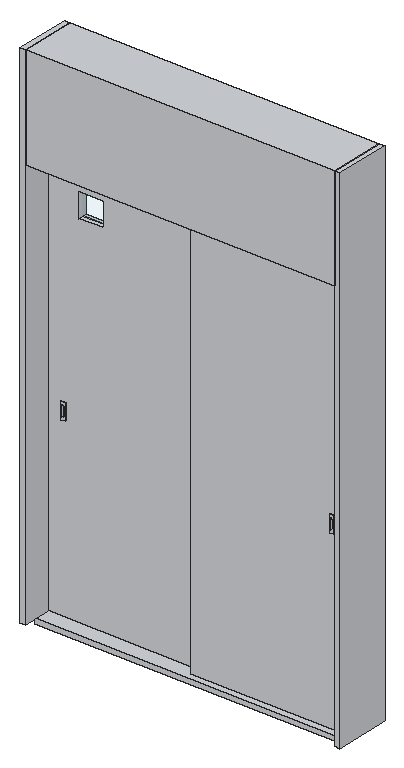
Revit family "Dor_引違い戸（幕板付）", category ドア, Revit 2020
Family settings
  ホスト = 壁
  常に垂直 = はい
  ロード時にボイドで切り取り = はい
  共有 = いいえ
  部屋計算ポイント = いいえ
Parameters (values of type "引違い戸（幕板付）")
  開口逃げ位置表示 [instance] = no
  金物_施錠方式(外) = ""
  金物_施錠方式(内) = ""
  金物_支持金物 = ""
  金物_操作金物 = ""
  金物_戸当り = ""
  金物_固定金物 = ""
  金物_フランス落し = ""
  金物_クローザー = ""
  逃げ_左 = 50 mm
  逃げ_右 = 50 mm
  解析用性能 = "<なし>"
  符号_建具記号 = ""
  符号_建具番号 = ""
  無目見付 = 50 mm
  法_随時閉鎖 = yes
  法_防火性能 = ""
  法_遮煙 = yes
  法_常時閉鎖 = yes
  沓摺表示 [instance] = yes
  枠見付上 = 25 mm
  文字_ガラス厚 = ""
  幕板高さ = 500 mm
  幕板_パネル [instance] = yes
  幕板_ガラス [instance] = not(幕板_パネル)  # no
  召合せ = 40 mm
  沓摺見込_Kg [instance] = 150 mm
  ラベル_遮煙 = if(法_遮煙, "S", " ")  # "S"
  ラベル_法囲み = if(法_常時閉鎖, "□", if(法_随時閉鎖, "〇", " "))  # "□"
  マテリアル_ハンドル = none
  ドア高さ = 2000 mm
  ドアパネルタイプ2 = DP_小窓 : 小窓
  ドアパネルタイプ1 = DP_フラッシュ : フラッシュ
  スリット/小窓位置：戸先 [instance] = yes
  ガラス厚 = 6 mm
  オフセット_外側 [instance] = 50 mm
  geo_壁厚 [instance] = 150 mm
  calc_逃げ位置 [instance] = if(bWallThicknessOffset, calc_壁芯ずれ, 0 mm)  # 0 mm
  calc_沓摺幅 = 幅 + LOCK  # 1500 mm
  沓摺タイプ = Kg_沓摺 : Kg_沓摺
  次による断熱プロパティの定義 = スキーマティック タイプ
  文字_額縁材質 = ""
  文字_額縁仕上 = ""
  文字_沓摺材質 = ""
  文字_沓摺仕上 = ""
  文字_枠材質 = ""
  文字_枠仕上 = ""
  文字_建具材質 = ""
  文字_建具仕上 = ""
  文字_取付場所 = ""
  文字_備考 = ""
  文字_パネル厚 = ""
  文字_ガラリ材質 = ""
  文字_ガラリ仕上 = ""
  文字_ガラス材質 = ""
  文字_アンダーカット = ""
  性能_遮音 = ""
  性能_気密 = ""
  形状_沓摺形状 = ""
  形状_枠形状 = ""
  形状_建具形式 = ""
  形状_ガラリ形状 = ""
  calc_沓摺奥行 = パネル厚 * 2 + LOCK  # 90 mm
  calc_壁芯ずれ [instance] = abs(オフセット_外側 - オフセット_内側) / 2  # 0 mm
  マテリアル_沓摺 = none
  マテリアル_枠 = none
  マテリアル_パネル = none
  マテリアル_ガラリ = none
  マテリアル_ガラス = ガラス - 透明
  パネル幅2 = パネル幅1  # 770 mm
  パネル幅1 = 幅 / 2 + 召合せ / 2  # 770 mm
  引手表示 [instance] = yes
  Keynote = ""
  オフセット_内側 [instance] = 50 mm
  calc_ボイド高さ [instance] = if(幕板_パネル, H寸法, H寸法 + 枠見付上)  # 2500 mm
  calc_パネル中心_幅 = 幅 / 2 + LOCK  # 750 mm
  calc_パネル中心_厚 [instance] = calc_壁芯ずれ  # 0 mm
  bWallThicknessOffset = no
  W寸法 = 1500 mm
  LOCK = 0 mm  # constant formula
  Function = (empty or 0)
  Description = ""
  Rough Width = 0 mm
  高さ = 2550 mm
  枠見付 = 25 mm
  枠ちり外 = 10 mm
  枠ちり内 = 10 mm
  引手_高さ = 900 mm
  引手_オフセット = 80 mm
  戸当見込 = 50 mm
  戸当見付 = 15 mm
  Construction Type = ""
  Wall Closure = (empty or 0)
  幅 = W寸法 + LOCK  # 1500 mm
  Rough Height = 0 mm
  パネル高 = ドア高さ - アンダーカット  # 1995 mm
  パネル幅 = パネル幅1 + LOCK  # 770 mm
  パネル厚 = 45 mm
  アンダーカット = 5 mm
  H寸法 [instance] = if(幕板_パネル, ドア高さ + 幕板高さ, ドア高さ + 無目見付 + 幕板高さ)  # 2500 mm
Reference planes
  plane 1: y = 0.417
  plane 2 "中心(左/右)": x = 0
  plane 3 "EXT.": y = 75.417
  plane 4 "内壁": y = -74.583
  plane 5 "左": x = -750
  plane 6 "右": x = 750
  plane 7 "上側": z = 2500
  plane 8: z = 0
  plane 9 "枠ちり外": y = 135.417
  plane 10 "枠外側左": x = -775
  plane 11 "枠外側右": x = 775
  plane 12: z = 5
  plane 13 "オフセット": y = -124.583
  plane 14 "枠ちり内": y = -134.583
  plane 15: y = 65.417
  plane 16: x = -780
  plane 17: x = 780
  plane 18: y = -114.583
  plane 19: y = -65
  plane 20: y = -129.583
  plane 21 "パネル1中心": y = -22.083
  plane 22: z = 900
  plane 23: z = 2525
  plane 24 "引手位置": x = 670
  plane 25: y = 65
  plane 26: z = 2527
  plane 27: x = -20
  plane 28: x = 20
  plane 29: x = 365
  plane 30: x = -365
  plane 31 "パネル2中心": y = 22.917
  plane 32 "壁芯ずれ": y = 0.417
  plane 33 "LGS厛": x = -670
  plane 34: y = -44.583
  plane 35: y = 45.417
  plane 36: z = 2000
  plane 37: z = 2050
  plane 38: z = 1002.5
  plane 39: y = 17.917
  plane 40: y = -4.583
  plane 41: y = 5.417
  plane 42: y = 105.417
  plane 43: y = -104.583
  plane 44: z = 2502
  plane 45 "オフセット外側": y = 125.417
  plane 46 "逃げ位置": y = 0.417
Forms (mm)
  Extrusion 1, void
    sketch origin (0, 0, 0) x (1, 0, 0) y (0, 1, 0)
      loop
        line (-775, -124.583) -> (775, -124.583) -> (775, 125.417) -> (-775, 125.417) -> (-775, -124.583)
    from 0 to 2500 <- "calc_ボイド高さ"
  Extrusion 2, solid, visible <- "幕板_ガラス"
    sketch origin (0, 0, 0) x (1, 0, 0) y (0, 1, 0)
      loop
        line (-750, -134.583) -> (750, -134.583) -> (750, 135.417) -> (-750, 135.417) -> (-750, -134.583)
    from 2500 to 2525
  Extrusion 3, solid
    sketch origin (0, 0, 0) x (1, 0, 0) y (0, 1, 0)
      loop
        line (-775, -134.583) -> (-750, -134.583) -> (-750, 135.417) -> (-775, 135.417) -> (-775, -134.583)
      loop
        line (750, -134.583) -> (775, -134.583) -> (775, 135.417) -> (750, 135.417) -> (750, -134.583)
    from 0 to 2500 <- "calc_ボイド高さ"
  Extrusion 4, solid, material <- "マテリアル_枠", visible <- "幕板_ガラス"
    sketch origin (0, 0, 0) x (0, 1, 0) y (0, 0, 1)
      loop
        line (135.417, 2000) -> (135.417, 2050) -> (-134.583, 2050) -> (-134.583, 2000) -> (135.417, 2000)
    from -750 to 750
  Extrusion 5, solid, material <- "マテリアル_パネル", visible <- "幕板_パネル"
    sketch origin (0, 0, 0) x (0, 1, 0) y (0, 0, 1)
      loop
        line (135.417, 2500) -> (-134.583, 2500) -> (-134.583, 2000) -> (135.417, 2000) -> (135.417, 2500)
    from -750 to 750
  Extrusion 6, solid, material "ガラス - 透明" <- "マテリアル_ガラス", visible <- "幕板_ガラス"
    sketch origin (0, 0, 0) x (0, 1, 0) y (0, 0, 1)
      loop
        line (5.417, 2500) -> (-4.583, 2500) -> (-4.583, 2050) -> (5.417, 2050) -> (5.417, 2500)
    from -750 to 750
Lines and regions (mm)
  Masking region 1
    outline origin (0, 0, 0) x (0, 1, 0) y (0, 0, 1)
      loop
        line (0.417, 2000) -> (-44.583, 2000) -> (-44.583, 5) -> (0.417, 5) -> (0.417, 2000)
  Masking region 2, visible <- "幕板_ガラス"
    outline origin (0, 0, 0) x (0, 1, 0) y (0, 0, 1)
      loop
        line (65.417, 2525) -> (65.417, 2527) -> (-114.583, 2527) -> (-114.583, 2525) -> (-134.583, 2525) -> (-134.583, 2500) -> (135.417, 2500) -> (135.417, 2525) -> (65.417, 2525)
  Masking region 3, detail levels medium+fine
    outline origin (0, 0, 0) x (1, 0, 0) y (0, 1, 0)
      loop
        line (775, -134.583) -> (775, 135.417) -> (750, 135.417) -> (750, -134.583) -> (775, -134.583)
      loop
        line (-775, -134.583) -> (-750, -134.583) -> (-750, 135.417) -> (-775, 135.417) -> (-775, -134.583)
  Masking region 4, detail levels coarse
    outline origin (0, 0, 0) x (1, 0, 0) y (0, 1, 0)
      loop
        line (780, 125.417) -> (750, 125.417) -> (750, -124.583) -> (780, -124.583) -> (780, 125.417)
      loop
        line (-780, 125.417) -> (-780, -124.583) -> (-750, -124.583) -> (-750, 125.417) -> (-780, 125.417)
  Masking region 5
    outline origin (0, 0.835, 0) x (0, -1, 0) y (0, 0, 1)
      loop
        line (0.417, 2000) -> (-44.583, 2000) -> (-44.583, 5) -> (0.417, 5) -> (0.417, 2000)
  Masking region 6, visible <- "幕板_パネル"
    outline origin (0, 30.835, -94.695) x (0, 1, 0) y (0, 0, 1)
      loop
        line (-165.417, 2094.695) -> (104.583, 2094.695) -> (104.583, 2594.695) -> (74.583, 2594.695) -> (74.583, 2596.695) -> (-135.417, 2596.695) -> (-135.417, 2594.695) -> (-165.417, 2594.695) -> (-165.417, 2094.695)
  symbolic lines
    curve 1: line (0, 185.417, 0) -> (0, -184.583, 0)
Text (mm)
  text "EXT." at (-2295.016, 1099.543, 0), in view "基準レベル"
  text "外部" at (0, 1615.38, 3698.081), in view "左"
  text "外部" at (0, 1036.032, 3874.932), in view "右"
  text "内部" at (0, -1175.082, 3874.932), in view "右"
  text "内部" at (-2295.016, -1087.353, 0), in view "基準レベル"
Dimensions and locks
  equal spacing: plane 5 "左", plane 2 "中心(左/右)", plane 6 "右"
  locked: plane 3 "EXT." to host wall
  locked: plane 4 "内壁" to host wall
  "W寸法": plane 5 "左" to plane 6 "右"
  "H寸法": plane 8 to plane 7 "上側"
  "枠ちり内": plane 13 "オフセット" to plane 14 "枠ちり内"
  "アンダーカット": plane 12 to plane 8
  locked: plane 3 "EXT." to plane 15 at 10
  locked: curve 1 to plane 9 "枠ちり外" at 50
  locked: plane 14 "枠ちり内" to curve 1 at 50
  locked: plane 16 to plane 10 "枠外側左" at 5
  locked: plane 11 "枠外側右" to plane 17 at 5
  locked: plane 18 to plane 13 "オフセット" at 10
  locked: plane 13 "オフセット" to plane 20 at 5
  "引手_高さ": plane 22 to level
  "枠見付": plane 6 "右" to plane 11 "枠外側右"
  "枠見付": plane 10 "枠外側左" to plane 5 "左"
  "枠見付上": plane 23 to plane 7 "上側"
  "引手_オフセット": plane 24 "引手位置" to plane 6 "右"
  plane 25 to plane 3 "EXT." = 10.417 mm
  plane 8 to plane 7 "上側" = 2500 mm
  plane 23 to plane 26 = 2 mm
  "オフセット_内側": plane 4 "内壁" to plane 13 "オフセット"
  equal spacing: plane 27, plane 2 "中心(左/右)", plane 28
  "召合せ": plane 27 to plane 28
  equal spacing: plane 27, plane 29, plane 6 "右"
  equal spacing: plane 5 "左", plane 30, plane 28
  "calc_壁芯ずれ": plane 32 "壁芯ずれ" to host wall
  equal spacing: plane 21 "パネル1中心", plane 32 "壁芯ずれ", plane 31 "パネル2中心"
  "パネル厚": plane 31 "パネル2中心" to plane 21 "パネル1中心"
  "引手_オフセット": plane 5 "左" to plane 33 "LGS厛"
  "パネル厚": plane 32 "壁芯ずれ" to plane 34
  "パネル厚": plane 35 to plane 32 "壁芯ずれ"
  equal spacing: plane 12, plane 38, plane 36
  plane 36 to plane 37 = 50 mm
  "ドア高さ": plane 36 to plane 8
  "無目見付": plane 37 to plane 36
  plane 7 "上側" to plane 37 = 450 mm
  plane 31 "パネル2中心" to plane 39 = 5 mm
  equal spacing: plane 41, plane 32 "壁芯ずれ", plane 40
  plane 41 to plane 40 = 10 mm
  locked: plane 9 "枠ちり外" to plane 42 at 30
  locked: plane 43 to plane 14 "枠ちり内" at 30
  locked: plane 7 "上側" to plane 44 at 2
  "geo_壁厚": plane 4 "内壁" to plane 3 "EXT."
  "オフセット_外側": plane 3 "EXT." to plane 45 "オフセット外側"
  "枠ちり外": plane 9 "枠ちり外" to plane 45 "オフセット外側"
  "calc_逃げ位置": plane 46 "逃げ位置" to host wall
  aligned and locked: plane 1 to host wall
  aligned and locked: level to plane 8
  aligned and locked: Extrusion 1 to plane 13 "オフセット"
  aligned and locked: Masking region 2 sketch curve to plane 14 "枠ちり内"
  aligned and locked: plane 9 "枠ちり外" to Masking region 2 sketch curve
  aligned and locked: plane 6 "右" to Masking region 4 sketch curve
  aligned and locked: Masking region 4 sketch curve to plane 17
  aligned and locked: Masking region 4 sketch curve to plane 13 "オフセット"
  aligned and locked: plane 6 "右" to Masking region 3 sketch curve
  aligned and locked: plane 9 "枠ちり外" to Masking region 3 sketch curve
  aligned and locked: Extrusion 2 sketch curve to plane 14 "枠ちり内"
  aligned and locked: plane 5 "左" to Extrusion 2 sketch curve
  aligned and locked: Extrusion 2 sketch curve to plane 6 "右"
  aligned and locked: Extrusion 3 sketch curve to plane 14 "枠ちり内"  (x2)
  aligned and locked: Extrusion 3 sketch curve to plane 5 "左"
  aligned and locked: Extrusion 3 sketch curve to plane 10 "枠外側左"
  aligned and locked: plane 6 "右" to Extrusion 3 sketch curve
  aligned and locked: Extrusion 3 sketch curve to plane 11 "枠外側右"
  aligned and locked: Extrusion 2 to plane 23
  aligned and locked: plane 7 "上側" to Extrusion 2
  aligned and locked: plane 24 "引手位置" to nested 3
  aligned and locked: nested 3 to plane 22
  aligned and locked: plane 2 "中心(左/右)" to nested 4
  aligned and locked: nested 2 to plane 21 "パネル1中心"
  aligned and locked: plane 21 "パネル1中心" to nested 3
  aligned and locked: plane 7 "上側" to Masking region 2 sketch curve  (x2)
  aligned and locked: Masking region 2 sketch curve to plane 23  (x2)
  aligned and locked: plane 26 to Masking region 2 sketch curve  (x2)
  aligned and locked: Masking region 2 sketch curve to plane 18
  aligned and locked: plane 18 to Masking region 2 sketch curve
  aligned and locked: Masking region 3 sketch curve to plane 9 "枠ちり外"
  aligned and locked: plane 14 "枠ちり内" to Masking region 3 sketch curve
  aligned and locked: plane 10 "枠外側左" to Masking region 3 sketch curve
  aligned and locked: plane 13 "オフセット" to Masking region 4 sketch curve
  aligned and locked: Masking region 4 sketch curve to plane 16
  aligned and locked: plane 9 "枠ちり外" to Extrusion 3 sketch curve  (x2)
  aligned and locked: plane 29 to nested 2
  aligned and locked: nested 6 to plane 33 "LGS厛"
  aligned and locked: plane 31 "パネル2中心" to nested 5
  aligned and locked: nested 6 to plane 31 "パネル2中心"
  aligned and locked: plane 2 "中心(左/右)" to nested 7
  aligned and locked: nested 7 to plane 32 "壁芯ずれ"
  aligned and locked: plane 9 "枠ちり外" to Extrusion 2 sketch curve
  aligned and locked: plane 32 "壁芯ずれ" to Masking region 1 sketch curve
  aligned and locked: Masking region 1 sketch curve to plane 34
  aligned and locked: Masking region 5 sketch curve to plane 35
  aligned and locked: Masking region 5 sketch curve to plane 12
  aligned and locked: plane 32 "壁芯ずれ" to Masking region 5 sketch curve
  aligned and locked: plane 12 to Masking region 1 sketch curve
  aligned and locked: plane 32 "壁芯ずれ" to nested 1
  aligned and locked: nested 4 to plane 38
  aligned and locked: plane 36 to Masking region 5 sketch curve
  aligned and locked: Masking region 1 sketch curve to plane 36
  aligned and locked: plane 9 "枠ちり外" to Extrusion 4 sketch curve
  aligned and locked: Extrusion 4 sketch curve to plane 14 "枠ちり内"
  aligned and locked: Extrusion 4 sketch curve to plane 36
  aligned and locked: plane 37 to Extrusion 4 sketch curve
  aligned and locked: plane 7 "上側" to Extrusion 5 sketch curve
  aligned and locked: Extrusion 6 sketch curve to plane 7 "上側"
  aligned and locked: plane 41 to Extrusion 6 sketch curve
  aligned and locked: Extrusion 6 sketch curve to plane 37
  aligned and locked: plane 40 to Extrusion 6 sketch curve
  aligned and locked: plane 5 "左" to Extrusion 5
  aligned and locked: plane 5 "左" to Extrusion 6
  aligned and locked: plane 5 "左" to Extrusion 4
  aligned and locked: Extrusion 5 to plane 6 "右"
  aligned and locked: Extrusion 6 to plane 6 "右"
  aligned and locked: Extrusion 4 to plane 6 "右"
  aligned and locked: plane 5 "左" to Masking region 3 sketch curve
  aligned and locked: plane 5 "左" to Masking region 4 sketch curve
  aligned and locked: plane 30 to nested 5
  aligned and locked: Masking region 3 sketch curve to plane 11 "枠外側右"
  aligned and locked: plane 36 to Extrusion 5 sketch curve
  aligned and locked: Extrusion 5 sketch curve to plane 9 "枠ちり外"
  aligned and locked: Masking region 6 sketch curve to plane 44
  aligned and locked: plane 42 to Masking region 6 sketch curve
  aligned and locked: Masking region 6 sketch curve to plane 43
  aligned and locked: plane 36 to Masking region 6 sketch curve
  aligned and locked: Masking region 6 sketch curve to plane 9 "枠ちり外"
  aligned and locked: plane 14 "枠ちり内" to Masking region 6 sketch curve
  aligned and locked: plane 2 "中心(左/右)" to nested 8
  aligned and locked: nested 8 to plane 32 "壁芯ずれ"
  aligned and locked: Masking region 4 sketch curve to plane 45 "オフセット外側"
  aligned and locked: plane 45 "オフセット外側" to Masking region 4 sketch curve
  aligned and locked: plane 45 "オフセット外側" to Extrusion 1 sketch curve
Automatic sketch dimensions
  curve 1 to plane 2 "中心(左/右)" = 0 mm
  Extrusion 1 sketch curve to plane 10 "枠外側左" = 0 mm
  Extrusion 1 sketch curve to plane 11 "枠外側右" = 0 mm
  host wall to Extrusion 1 sketch curve = 50 mm
  Masking region 2 sketch curve to plane 15 = 0 mm
  Masking region 3 sketch curve to plane 14 "枠ちり内" = 0 mm
  Extrusion 5 sketch curve to plane 14 "枠ちり内" = 0 mm
  Masking region 6 sketch curve to plane 44 = 2 mm  (x2)
Nested families
  nested 1: "Kg_沓摺" at (0, 0.417, 0), アンダーカット <- "アンダーカット", パネル厚 <- "calc_沓摺奥行", パネル幅 <- "幅", 沓摺材質 <- "マテリアル_沓摺", type <- "沓摺タイプ", パネル中心位置 <- "calc_パネル中心_厚", 沓摺見込 <- "沓摺見込_Kg", visible <- "沓摺表示", type "Kg_沓摺", detail levels medium+fine
    with 沓摺見込 150 mm, 沓摺材質 none, パネル幅 1500 mm, パネル厚 90 mm, パネル中心位置 0 mm, アンダーカット 5 mm
  nested 2: "DP_フラッシュ" at (365, -22.083, 0), マテリアル_パネル <- "マテリアル_パネル", 幅 <- "パネル幅1", 高さ <- "パネル高", Thickness <- "パネル厚", type <- "ドアパネルタイプ1", アンダーカット <- "アンダーカット", マテリアル_ガラス <- "マテリアル_ガラス", マテリアル_ガラリ <- "マテリアル_ガラリ", スリット/小窓位置：戸先 <- "スリット/小窓位置：戸先", ガラス厚 <- "ガラス厚", type "フラッシュ"
    with 高さ 1995 mm, 幅 770 mm, built-in parameter 1001302 45 mm, マテリアル_パネル none, マテリアル_ガラリ none, マテリアル_ガラス ガラス - 透明, スリット/小窓位置：戸先 yes, ガラス厚 6 mm, アンダーカット 5 mm
  nested 3: "Ha_引手" at (670, -22.083, 900) x (-1, 0, 0) z (0, 0, 1), visible <- "引手表示", type "Ha_引手"
    with パネル厚 45 mm
  nested 4: "立面_スイング_引違い" at (0, 75.417, 1002.5) x (1, 0, 0) z (0, -1, 0), type "立面_スイング_引違い"
    with 幅 250 mm
  nested 5: "DP_小窓" at (-365, 22.917, 0) x (-1, 0, 0) z (0, 0, 1), マテリアル_パネル <- "マテリアル_パネル", 幅 <- "パネル幅1", 高さ <- "パネル高", Thickness <- "パネル厚", type <- "ドアパネルタイプ2", アンダーカット <- "アンダーカット", マテリアル_ガラス <- "マテリアル_ガラス", マテリアル_ガラリ <- "マテリアル_ガラリ", スリット/小窓位置：戸先 <- "スリット/小窓位置：戸先", ガラス厚 <- "ガラス厚", type "小窓"
    with 高さ 1995 mm, 幅 770 mm, built-in parameter 1001302 45 mm, マテリアル_パネル none, マテリアル_ガラリ none, マテリアル_ガラス ガラス - 透明, スリット/小窓位置：戸先 yes, スリット/小窓位置：中央 no, ガラス厚 6 mm, アンダーカット 5 mm, calc_窓腰高 1760 mm, calc_窓位置_戸尻 500 mm, calc_窓位置_戸先 150 mm
  nested 6: "Ha_引手" at (-670, 22.917, 900), visible <- "引手表示", type "Ha_引手"
    with パネル厚 45 mm
  nested 7: "平面_引き違い戸" at (0, 0.417, 0), パネル厚 <- "パネル厚", 召合せ <- "召合せ", 幅 <- "幅", type "平面_引き違い戸"
    with 幅 1500 mm, 召合せ 40 mm, パネル厚 45 mm
  nested 8: "平面_逃げ位置" at (0, 0.417, 0), 幅 <- "W寸法", 逃げ_右 <- "逃げ_右", 逃げ_左 <- "逃げ_左", visible <- "開口逃げ位置表示", type "平面_逃げ位置"
    with 逃げ_左 50 mm, 逃げ_右 50 mm, 幅 1500 mm
Definition of nested family "Kg_沓摺"
  Parameters (values of type "Kg_沓摺")
    沓摺材質 [instance] = none
    Default Elevation = 0 mm
    パネル中心位置 [instance] = 80 mm
    沓摺見込 [instance] = 140 mm
    パネル幅 [instance] = 600 mm
    パネル厚 [instance] = 45 mm
    アンダーカット [instance] = 5 mm
  Reference planes
    plane 1 "中心(正面/背面)": y = 0
    plane 2: z = 0
    plane 3 "中心(左/右)": x = 0
    plane 4 "パネル内側": y = -22.5
    plane 5: x = -300
    plane 6: x = 300
    plane 7: z = 5
    plane 8: z = 3
    plane 9 "パネル外側": y = 22.5
    plane 10: z = -20
    plane 11: y = 70
    plane 12: y = -70
  Forms (mm)
    Extrusion 1, solid, material <- "沓摺材質"
      sketch origin (0, 0, 0) x (0, 1, 0) y (0, 0, 1)
        loop
          line (70, -20) -> (70, 3) -> (-70, 3) -> (-70, -20) -> (70, -20)
      from -300 to 300
  Lines and regions (mm)
    Masking region 1
      outline origin (0, 0, 0) x (0, 1, 0) y (0, 0, 1)
        loop
          line (-70, -20) -> (70, -20) -> (70, 3) -> (-70, 3) -> (-70, -15) -> (-70, -20)
    Masking region 2, detail levels medium+fine
      outline origin (0, 0, 0) x (1, 0, 0) y (0, 1, 0)
        loop
          line (-300, -70) -> (300, -70) -> (300, 70) -> (-300, 70) -> (-300, -70)
  Dimensions and locks
    "パネル幅": plane 5 to plane 6
    equal spacing: plane 5, plane 3 "中心(左/右)", plane 6
    "アンダーカット": plane 7 to plane 2
    locked: plane 7 to plane 8 at 2
    equal spacing: plane 9 "パネル外側", plane 1 "中心(正面/背面)", plane 4 "パネル内側"
    "パネル厚": plane 9 "パネル外側" to plane 4 "パネル内側"
    locked: plane 7 to plane 10 at 25
    Masking region 1 sketch curve to plane 2 = 15 mm
    "沓摺見込": plane 11 to plane 12
    equal spacing: plane 11, plane 1 "中心(正面/背面)", plane 12
    aligned and locked: level to plane 2
    aligned and locked: Extrusion 1 sketch curve to plane 10
    aligned and locked: Extrusion 1 sketch curve to plane 8
    aligned and locked: plane 6 to Extrusion 1
    aligned and locked: Extrusion 1 to plane 5
    aligned and locked: Masking region 1 sketch curve to plane 8
    aligned and locked: Masking region 1 sketch curve to plane 10
    aligned and locked: plane 11 to Masking region 1 sketch curve
    aligned and locked: plane 11 to Extrusion 1 sketch curve
    aligned and locked: Masking region 1 sketch curve to plane 12
    aligned and locked: plane 12 to Extrusion 1 sketch curve
    aligned and locked: Masking region 2 sketch curve to plane 5
    aligned and locked: plane 6 to Masking region 2 sketch curve
    aligned and locked: plane 11 to Masking region 2 sketch curve
    aligned and locked: Masking region 2 sketch curve to plane 12
Definition of nested family "DP_フラッシュ"
  Parameters (values of type "フラッシュ")
    Height [instance] = 1995 mm
    Analytic Construction = "<なし>"
    Define Thermal Properties by = 1
    マテリアル_パネル [instance] = none
    Thickness [instance] = 40 mm
    Width [instance] = 800 mm
    マテリアル_ガラリ [instance] = none
    マテリアル_ガラス [instance] = none
    スリット/小窓位置：戸先 [instance] = yes
    ガラス厚 [instance] = 0 mm
    アンダーカット [instance] = 5 mm
  Reference planes
    plane 1 "中心(正面/背面)": y = 0
    plane 2 "下": z = 0
    plane 3 "中心(左/右)": x = 0
    plane 4 "右": x = 400
    plane 5 "左": x = -400
    plane 6 "前面": y = 20
    plane 7 "背面": y = -20
    plane 8 "上": z = 2000
    plane 9: z = 5
  Forms (mm)
    Extrusion 1, solid, material <- "マテリアル_パネル"
      sketch origin (0, 0, 0) x (1, 0, 0) y (0, 0, 1)
        loop
          line (-400, 2000) -> (-400, 5) -> (400, 5) -> (400, 2000) -> (-400, 2000)
      from -20 to 20
  Dimensions and locks
    equal spacing: plane 5 "左", plane 3 "中心(左/右)", plane 4 "右"
    "Width": plane 5 "左" to plane 4 "右"
    equal spacing: plane 6 "前面", plane 1 "中心(正面/背面)", plane 7 "背面"
    "Thickness": plane 6 "前面" to plane 7 "背面"
    "アンダーカット": plane 9 to plane 2 "下"
    "Height": plane 8 "上" to plane 9
    aligned and locked: level to plane 2 "下"
    aligned and locked: Extrusion 1 sketch curve to plane 8 "上"
    aligned and locked: plane 5 "左" to Extrusion 1 sketch curve
    aligned and locked: Extrusion 1 sketch curve to plane 4 "右"
    aligned and locked: plane 6 "前面" to Extrusion 1
    aligned and locked: Extrusion 1 to plane 7 "背面"
    aligned and locked: plane 9 to Extrusion 1 sketch curve
Definition of nested family "Ha_引手"
  Parameters (values of type "Ha_引手")
    Analytic Construction = "<なし>"
    Define Thermal Properties by = 1
    パネル厚 = 30 mm
    ハンドル = none
    Keynote = "08730.C5"
  Reference planes
    plane 1 "中心(正面/背面)": y = 0
    plane 2: z = 0
    plane 3 "中心 (左/右)": x = 0
    plane 4: y = 15
    plane 5: y = -15
    plane 6: y = -20
    plane 7: y = 20
  Forms (mm)
    Extrusion 1, solid, material <- "ハンドル"
      sketch origin (-30, -15, 0) x (1, 0, 0) y (0, 0, 1)
        loop
          line (20, -40) -> (40, -40) -> (40, 40) -> (20, 40) -> (20, -40)
      from -35 to 5
    Extrusion 2, void
      sketch origin (0, -15, 0) x (-1, 0, 0) y (0, 0, 1)
        loop
          line (5, -25) -> (5, 25) -> (-5, 25) -> (-5, -25) -> (5, -25)
      from -5 to 0
    Extrusion 3, void
      sketch origin (0, 15, 0) x (-1, 0, 0) y (0, 0, 1)
        loop
          line (-5, 25) -> (-5, -25) -> (5, -25) -> (5, 25) -> (-5, 25)
      from 0 to 5
  Cuts and joins
    Extrusion 2, Extrusion 3 cuts Extrusion 1
  Dimensions and locks
    equal spacing: plane 5, plane 1 "中心(正面/背面)", plane 4
    "パネル厚": plane 5 to plane 4
    locked: plane 6 to plane 5 at 5
    locked: plane 4 to plane 7 at 5
    aligned and locked: plane 6 to Extrusion 1
    aligned and locked: Extrusion 1 to plane 7
    aligned and locked: Extrusion 1 to Extrusion 2
    aligned and locked: Extrusion 1 to Extrusion 3
  Automatic sketch dimensions
    Extrusion 1 sketch curve to plane 3 "中心 (左/右)" = 10 mm
    plane 3 "中心 (左/右)" to Extrusion 1 sketch curve = 10 mm
    Extrusion 1 sketch curve to level = 40 mm
    level to Extrusion 1 sketch curve = 40 mm
    plane 3 "中心 (左/右)" to Extrusion 2 sketch curve = 5 mm
    Extrusion 2 sketch curve to plane 3 "中心 (左/右)" = 5 mm
    Extrusion 2 sketch curve to level = 25 mm
    level to Extrusion 2 sketch curve = 25 mm
    plane 3 "中心 (左/右)" to Extrusion 3 sketch curve = 5 mm
    Extrusion 3 sketch curve to plane 3 "中心 (左/右)" = 5 mm
    Extrusion 3 sketch curve to level = 25 mm
    level to Extrusion 3 sketch curve = 25 mm
Definition of nested family "DP_小窓"
  Parameters (values of type "小窓")
    Height [instance] = 2000 mm
    Analytic Construction = "<なし>"
    窓位置_戸先寄り = 150 mm
    Define Thermal Properties by = 1
    Thickness [instance] = 40 mm
    窓H = 120 mm
    窓位置_上 = 120 mm
    マテリアル_パネル [instance] = none
    マテリアル_ガラリ [instance] = none
    マテリアル_ガラス [instance] = none
    スリット/小窓位置：戸先 [instance] = yes
    スリット/小窓位置：中央 [instance] = not([スリット/小窓位置：戸先])  # no
    アンダーカット [instance] = 5 mm
    calc_窓位置_戸先 [instance] = if([スリット/小窓位置：戸先], 窓位置_戸先寄り, (Width - 窓W) / 2)  # 150 mm
    Width [instance] = 800 mm
    calc_窓位置_戸尻 [instance] = if([スリット/小窓位置：戸先], Width - 窓W - 窓位置_戸先寄り, if([スリット/小窓位置：中央], calc_窓位置_戸先, 窓位置_戸先寄り))  # 530 mm
    窓W = 120 mm
    ガラス厚 [instance] = 6 mm
    calc_窓腰高 [instance] = (Height + アンダーカット) - 窓位置_上 - 窓H  # 1765 mm
  Reference planes
    plane 1 "中心(正面/背面)": y = 0
    plane 2 "下": z = 0
    plane 3 "中心(左/右)": x = 0
    plane 4 "右": x = 400
    plane 5 "左": x = -400
    plane 6 "前面": y = 20
    plane 7 "背面": y = -20
    plane 8 "上": z = 2005
    plane 9 "戸先": x = 250
    plane 10 "ガラス下": z = 1765
    plane 11 "ガラス上": z = 1885
    plane 12 "ガラス幅": x = 130
    plane 13 "ガラス芯": x = 190
    plane 14: z = 5
  Forms (mm)
    Extrusion 1, solid, material <- "マテリアル_パネル"
      sketch origin (0, 0, 0) x (1, 0, 0) y (0, 0, 1)
        loop
          line (-400, 2005) -> (-400, 5) -> (400, 5) -> (400, 2005) -> (-400, 2005)
        loop
          line (130, 1885) -> (130, 1765) -> (250, 1765) -> (250, 1885) -> (130, 1885)
      from -20 to 20
  Dimensions and locks
    equal spacing: plane 5 "左", plane 3 "中心(左/右)", plane 4 "右"
    "Width": plane 5 "左" to plane 4 "右"
    equal spacing: plane 6 "前面", plane 1 "中心(正面/背面)", plane 7 "背面"
    "Thickness": plane 6 "前面" to plane 7 "背面"
    "calc_窓位置_戸先": plane 4 "右" to plane 9 "戸先"
    "窓位置_上": plane 8 "上" to plane 11 "ガラス上"
    "窓H": plane 11 "ガラス上" to plane 10 "ガラス下"
    "窓W": plane 9 "戸先" to plane 12 "ガラス幅"
    equal spacing: plane 12 "ガラス幅", plane 13 "ガラス芯", plane 9 "戸先"
    "アンダーカット": plane 14 to plane 2 "下"
    "Height": plane 8 "上" to plane 14
    aligned and locked: level to plane 2 "下"
    aligned and locked: Extrusion 1 sketch curve to plane 8 "上"
    aligned and locked: plane 5 "左" to Extrusion 1 sketch curve
    aligned and locked: Extrusion 1 sketch curve to plane 4 "右"
    aligned and locked: plane 6 "前面" to Extrusion 1
    aligned and locked: Extrusion 1 to plane 7 "背面"
    aligned and locked: plane 11 "ガラス上" to Extrusion 1 sketch curve
    aligned and locked: plane 12 "ガラス幅" to Extrusion 1 sketch curve
    aligned and locked: Extrusion 1 sketch curve to plane 10 "ガラス下"
    aligned and locked: Extrusion 1 sketch curve to plane 9 "戸先"
    aligned and locked: nested 1 to plane 1 "中心(正面/背面)"
    aligned and locked: plane 13 "ガラス芯" to nested 1
    aligned and locked: plane 14 to Extrusion 1 sketch curve
  Nested families
    nested 1: "DPw_ガラス" at (190, 15, 1765), Width <- "窓W", Height <- "窓H", Thickness <- "ガラス厚", built-in parameter 1001364 <- "calc_窓腰高", マテリアル_ガラス <- "マテリアル_ガラス", type "ガラス"
      with Height 120 mm, Width 120 mm, Thickness 6 mm, マテリアル_ガラス none
  Definition of nested family "DPw_ガラス"
    Parameters (values of type "DPw_ガラス")
      Define Thermal Properties by = 1
      Visual Light Transmittance = 0.9
      Solar Heat Gain Coefficient = 0.78
      Height [instance] = 1000 mm
      Heat Transfer Coefficient (U) = 3.6886 W/(m²·K)
      Width [instance] = 800 mm
      Analytic Construction = "1/8 インチ ピルキントン一重ガラス"
      Thickness [instance] = 6 mm
      マテリアル_ガラス [instance] = none
    Reference planes
      plane 1 "中心(正面/背面)": y = -15
      plane 2 "下": z = 0
      plane 3 "中心(左/右)": x = 0
      plane 4 "左": x = -400
      plane 5 "右": x = 400
      plane 6 "上": z = 1000
      plane 7: y = -12
      plane 8: y = -18
      plane 9: z = 500
    Forms (mm)
      Extrusion 1, solid, material <- "マテリアル_ガラス"
        sketch origin (0, -15, 0) x (1, 0, 0) y (0, 0, 1)
          loop
            line (-400, 0) -> (400, 0) -> (400, 1000) -> (-400, 1000) -> (-400, 0)
        from -3 to 3
    Lines and regions (mm)
      symbolic lines, detail levels medium+fine
        curve 1: line (400, -15, 0) -> (-400, -15, 0)
      symbolic lines, detail levels fine
        curve 2: line (0, -15, 1000) -> (0, -15, 0)
    Dimensions and locks
      equal spacing: plane 4 "左", plane 3 "中心(左/右)", plane 5 "右"
      "Width": plane 4 "左" to plane 5 "右"
      "Height": plane 6 "上" to plane 2 "下"
      equal spacing: plane 6 "上", plane 9, plane 2 "下"
      "Thickness": plane 8 to plane 7
      equal spacing: plane 8, plane 1 "中心(正面/背面)", plane 7
      plane 2 "下" to level = 0 mm
      aligned and locked: plane 5 "右" to Extrusion 1
      aligned and locked: Extrusion 1 to plane 4 "左"
      aligned and locked: Extrusion 1 to plane 7
      aligned and locked: plane 8 to Extrusion 1
      aligned and locked: curve 1 to plane 1 "中心(正面/背面)"
      aligned and locked: plane 4 "左" to curve 1
      aligned and locked: Extrusion 1 to curve 1
      aligned and locked: plane 6 "上" to Extrusion 1
      aligned and locked: plane 2 "下" to curve 2
      aligned and locked: plane 6 "上" to curve 2
      aligned and locked: Extrusion 1 to plane 2 "下"
    Automatic sketch dimensions
      Extrusion 1 sketch curve to plane 4 "左" = 0 mm
      Extrusion 1 sketch curve to plane 5 "右" = 0 mm
      level to Extrusion 1 sketch curve = 0 mm
      Extrusion 1 sketch curve to plane 6 "上" = 0 mm
      curve 2 to plane 1 "中心(正面/背面)" = 0 mm
Definition of nested family "立面_スイング_引違い"
  Parameters (values of type "立面_スイング_引違い")
    幅 [instance] = 250 mm
  Reference planes
    plane 1 "中心(正面/背面)": y = 0
    plane 2: z = 0
    plane 3 "中心(左/右)": x = 0
    plane 4: x = -125
    plane 5: x = 125
  Lines and regions (mm)
    detail lines, in view "基準レベル"
      curve 1: line (125, 0, 0) -> (-125, 0, 0)
      curve 2: line (-125, 0, 0) -> (-55.718, 40, 0)
      curve 3: line (125, 0, 0) -> (55.718, -40, 0)
  Dimensions and locks
    equal spacing: plane 4, plane 3 "中心(左/右)", plane 5
    "幅": plane 4 to plane 5
    angle curve 1 to curve 2 = 30.00°
    angle curve 1 to curve 3 = 30.00°
    aligned and locked: plane 4 to curve 1
    aligned and locked: plane 5 to curve 1
  Automatic sketch dimensions
    plane 1 "中心(正面/背面)" to curve 3 = 0 mm
Definition of nested family "平面_引き違い戸"
  Parameters
    幅 [instance] = 1600 mm
    召合せ [instance] = 40 mm
    パネル厚 [instance] = 45 mm
  Reference planes
    plane 1 "中心(正面/背面)": y = 0
    plane 2: z = 0
    plane 3 "中心(左/右)": x = 0
    plane 4: y = 22.5
    plane 5: y = -22.5
    plane 6: x = -20
    plane 7: x = 20
    plane 8: x = -800
    plane 9: x = 800
    plane 10: y = -45, in view "基準レベル"
    plane 11: y = 45, in view "基準レベル"
  Lines and regions (mm)
    Masking region 1, in view "基準レベル", detail levels medium+fine
      outline origin (0, 0, 0) x (1, 0, 0) y (0, 1, 0)
        loop
          line (-20, 0) -> (-20, -45) -> (800, -45) -> (800, 0) -> (-20, 0)
    Masking region 2, in view "基準レベル", detail levels medium+fine
      outline origin (0, 0, 0) x (-1, 0, 0) y (0, -1, 0)
        loop
          line (-20, 0) -> (-20, -45) -> (800, -45) -> (800, 0) -> (-20, 0)
    detail lines, in view "基準レベル", detail levels coarse
      curve 1: line (-800, 22.5, 0) -> (20, 22.5, 0)
      curve 2: line (-20, -22.5, 0) -> (800, -22.5, 0)
  Dimensions and locks
    equal spacing: plane 4, plane 1 "中心(正面/背面)", plane 5
    "パネル厚": plane 4 to plane 5
    equal spacing: plane 8, plane 3 "中心(左/右)", plane 9
    equal spacing: plane 6, plane 3 "中心(左/右)", plane 7
    "召合せ": plane 6 to plane 7
    "幅": plane 8 to plane 9
    "パネル厚": plane 10 to plane 1 "中心(正面/背面)"
    "パネル厚": plane 1 "中心(正面/背面)" to plane 11
    aligned and locked: plane 6 to Masking region 1 sketch curve
    aligned and locked: Masking region 1 sketch curve to plane 9
    aligned and locked: Masking region 1 sketch curve to plane 10
    aligned and locked: plane 1 "中心(正面/背面)" to Masking region 1 sketch curve
    aligned and locked: Masking region 2 sketch curve to plane 11
    aligned and locked: plane 8 to Masking region 2 sketch curve
    aligned and locked: Masking region 2 sketch curve to plane 7
    aligned and locked: Masking region 2 sketch curve to plane 1 "中心(正面/背面)"
    aligned and locked: plane 8 to curve 1
    aligned and locked: plane 7 to curve 1
    aligned and locked: plane 6 to curve 2
    aligned and locked: plane 9 to curve 2
  Automatic sketch dimensions
    curve 1 to plane 4 = 0 mm
    curve 2 to plane 5 = 0 mm
Definition of nested family "平面_逃げ位置"
  Parameters (values of type "平面_逃げ位置")
    逃げ_左 [instance] = 40 mm
    逃げ_右 [instance] = 40 mm
    幅 [instance] = 1000 mm
  Reference planes
    plane 1 "中心(正面/背面)": y = 0
    plane 2: z = 0
    plane 3 "中心(左/右)": x = 0
    plane 4: x = -500
    plane 5: x = 500
    plane 6: x = 540
    plane 7: x = -540
    plane 8: y = -30
    plane 9: y = 30
  Lines and regions (mm)
    detail lines, in view "基準レベル"
      curve 1: line (-540, 30, 0) -> (-540, -30, 0)
      curve 2: line (540, 30, 0) -> (540, -30, 0)
  Dimensions and locks
    equal spacing: plane 4, plane 3 "中心(左/右)", plane 5
    "幅": plane 4 to plane 5
    plane 9 to plane 8 = 60 mm
    equal spacing: plane 9, plane 1 "中心(正面/背面)", plane 8
    "逃げ_左": plane 7 to plane 4
    "逃げ_右": plane 5 to plane 6
    aligned and locked: curve 1 to plane 7
    aligned and locked: plane 6 to curve 2
    aligned and locked: plane 9 to curve 2
  Automatic sketch dimensions
    curve 1 to plane 8 = 0 mm
    curve 2 to plane 8 = 0 mm
    curve 1 to plane 9 = 0 mm
